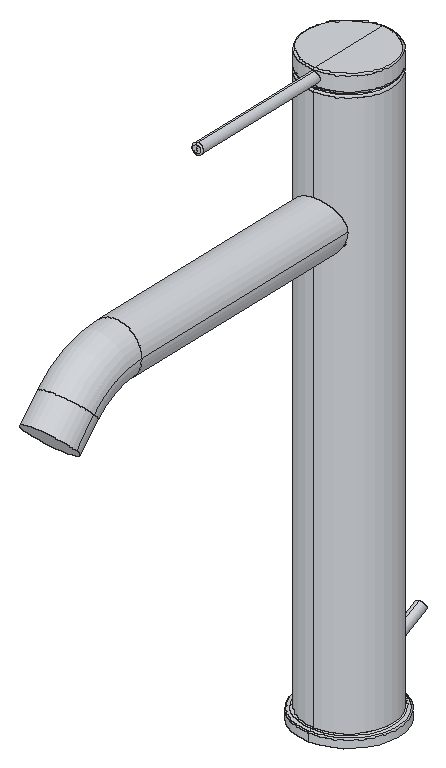
Revit family "Faucet-Lavatory-KOHLER-Components-K-77959", category Plumbing Fixtures, host Face, Revit 2015
Parameters (values of type "CP-Polished Chrome")
  Width = 1 7/8"  # constant formula
  Waste Water Outlet = "Waste Water Outlet"  # constant formula
  Waste Connection = no
  Vent Connection = no
  URL = "https://www.us.kohler.com/us/"
  Type = 1
  Spout Reach = 7"  # constant formula
  Product Page URL = "http://www.us.kohler.com/us/catalog/productDetails.jsp?productNumber=77959"
  Product Name = "Components"  # constant formula
  Product Documentation Link = "http://www.us.kohler.com/onlinecatalog/pdf/K-77959_spec.pdf"
  Pressure = 60.00 psi  # constant formula
  Model = if(Type = 1, "K-77959-4A-CP", if(Type = 2, "K-77959-4A-BL", if(Type = 3, "K-77959-4A-TT", "NA")))  # "K-77959-4A-CP"
  Material = "Premium Metal Construction"  # constant formula
  MasterFormat 2004 = "22.41.39"  # constant formula
  MasterFormat 1995 = "15410"  # constant formula
  Manufacturer Address = "444 Highland Dr, Kohler, WI 53044"  # constant formula
  Manufacturer = "KOHLER Co."  # constant formula
  Length = Spout Reach  # 7"
  Hot Water Inlet = "Hot Water Inlet"  # constant formula
  Height = 11 1/4"  # constant formula
  Handle Clearance = 3 9/16"  # constant formula
  HW Connection = yes
  Flow Rate = 1.2 GPM  # constant formula
  Finish = Kohler-Metal-CP-Polished_Chrome
  Faucet Hole Spacing = 0"
  Environmental Product Declaration = ""
  Drain Included = 1 = 1  # yes
  Description = "Single-Handle Tall Sink Faucet"  # constant formula
  Default Elevation = 36"
  Declare Label = ""
  Date Modified = "07/09/2018"  # constant formula
  Date Created = "07/09/2018"  # constant formula
  Copyright = "Copyright KOHLER Co."  # constant formula
  Contact Us = "https://www.us.kohler.com/us/static/contact.jsp"
  Cold Water Inlet = "Cold Water Inlet"  # constant formula
  CW Connection = yes
  Assembly Code = "D2010"
  ADA Compliant = 1 = 1  # yes
Types (4): name | Type | Model | Finish
  (no name) | 1 | "K-77959-4A-CP" | Kohler-Metal-CP-Polished_Chrome
  CP-Polished Chrome | 1 | "K-77959-4A-CP" | Kohler-Metal-CP-Polished_Chrome
  BL-Matte_Black | 2 | "K-77959-4A-BL" | Kohler-Metal-BL-Matte_Black
  TT-Vibrant_Titanium | 3 | "K-77959-4A-TT" | Kohler-Metal-TT-Vibrant_Titanium
Reference planes (in)
  plane 1 "Center (Front/Back)": y = 0
  plane 2: z = 0
  plane 3 "Center (Left/Right)": x = 0
  plane 4: x = -0.9375
  plane 5: x = 0.9375
  plane 6: y = -7
  plane 7: z = 11.25
  plane 8: y = -3.5625
Dimensions and locks (in)
  equal spacing: plane 4, plane 3 "Center (Left/Right)", plane 5
  "Width": plane 4 to plane 5
  "Length": plane 6 to plane 1 "Center (Front/Back)"  (x2)
  "Height": plane 7 to plane 2
  "Handle Clearance": plane 8 to plane 1 "Center (Front/Back)"
  aligned and locked: plane 2 to host face
  aligned and locked: level to host face
Automatic sketch dimensions
  host sketch curve to host sketch curve = 96"  (x2)
Nested families (in)
  nested 1: "K-77959" at (0, 0, 0), type "K-77959"
Connectors (in)
  piping at (-0.31062, 0, 0), diameter 0.375, driven by "Flow Rate", driven by "Pressure", driven by "HW Connection", driven by "Hot Water Inlet"
    settings: on nested 1, index 1, connector inside diameter 24", connector length 0", flow factor 0, pipe flow 1.2 GPM, pressure drop 60.00 psi, fitting loss kfactor 0, connector angle 0.00°, fixture units 0, engagement length 0", angle of deflection 0.00°, flow configuration 0, flow direction 1, fitting loss method 4, system type 19, joint type 0, gender type 0, connector reference index -1, connector utility 1, adjustable connector no, is connector primary yes, connector description "Hot Water Inlet"
  piping at (0.31062, 0, 0), diameter 0.375, driven by "Flow Rate", driven by "Pressure", driven by "CW Connection", driven by "Cold Water Inlet"
    settings: on nested 1, index 2, connector inside diameter 24", connector length 0", flow factor 0, pipe flow 1.2 GPM, pressure drop 60.00 psi, fitting loss kfactor 0, connector angle 0.00°, fixture units 0, engagement length 0", angle of deflection 0.00°, flow configuration 0, flow direction 1, fitting loss method 4, system type 20, joint type 0, gender type 0, connector reference index -1, connector utility 1, adjustable connector no, is connector primary no, connector description "Cold Water Inlet"
Definition of nested family "K-77959"
  Parameters (values of type "K-77959")
    Material = none
  Reference planes (in)
    plane 1 "Center (Front/Back)": y = 0
    plane 2: z = 0
    plane 3 "Center (Left/Right)": x = 0
    plane 4: z = 11.25
    plane 5: y = -7
    plane 6: x = -0.9375
    plane 7: x = 0.9375
    plane 8: y = 0.9375
    plane 9: y = -3.5625
  Forms (in)
    Revolve 1, solid, material <- "Material", detail levels medium+fine
      sketch origin (0, 0, 0) x (0, 1, 0) y (0, 0, 1)
        loop
          line (0.9375, 0) -> (0.9375, 0.13853)
          arc (0.9375, 0.13853) -> (0.93256, 0.15279) -> (0.91985, 0.16092) r 0.02303
          line (0.91985, 0.16092) -> (0.86459, 0.17419)
          arc (0.86459, 0.17419) -> (0.8409, 0.17897) -> (0.81693, 0.18202) r 0.3321
          line (0.81693, 0.18202) -> (0.81693, 10.85654)
          arc (0.81693, 10.85654) -> (0.80957, 10.87971) -> (0.7902, 10.8944) r 0.04017
          line (0.7902, 10.8944) -> (0.6758, 10.93504) -> (0.79725, 10.93504)
          arc (0.79725, 10.93504) -> (0.81117, 10.9408) -> (0.81693, 10.95472) r 0.01968
          line (0.81693, 10.95472) -> (0.81693, 11.22853)
          arc (0.81693, 11.22853) -> (0.81064, 11.24371) -> (0.79546, 11.25) r 0.02147
          line (0.79546, 11.25) -> (0, 11.25) -> (0, 0) -> (0.9375, 0)
        axis (0, 0) -> (0, 11.25)
      angle from 0 to 360
    Sweep 2, solid, material <- "Material"
      path origin (0, 0, 0) x (0, 1, 0) y (0, 0, 1)
        loop
          line (-7, 7.71369) -> (-6.58242, 8.13127)
          arc (-6.58242, 8.13127) -> (-6.07151, 8.47265) -> (-5.46886, 8.59252) r 1.5748
          line (-5.46886, 8.59252) -> (0, 8.59252)
      profile origin (0, -2.73443, 8.59252) x (0, 0, 1) y (1, 0, 0)
        loop
          circle (0, 0) r 0.49213
    Extrusion 3, solid, material <- "Material", detail levels coarse
      sketch origin (0, 0, 4.45312) x (1, 0, 0) y (0, 0, 1)
        loop
          circle (0, 6.64764) r 0.09843
      from 0 to 3.5625
    Revolve 4, solid, material <- "Material", detail levels medium+fine
      sketch origin (0, 0, 0.20312) x (0, 1, 0) y (0, 0, 1)
        loop
          line (-3.5625, 10.89764) -> (0, 10.89764) -> (0, 10.99606) -> (-3.54274, 10.99606)
          arc (-3.54274, 10.99606) -> (-3.55671, 10.99028) -> (-3.5625, 10.97631) r 0.01976
          line (-3.5625, 10.97631) -> (-3.5625, 10.89764)
        axis (-3.5625, 10.89764) -> (0, 10.89764)
      angle from 0 to 360
    Extrusion 5, solid, material <- "Material", detail levels coarse
      sketch origin (0, 0, 0) x (1, 0, 0) y (0, 1, 0)
        loop
          circle (0, 0) r 0.9375
      from 0 to 10.92188
    Extrusion 6, solid, material <- "Material", detail levels coarse
      sketch origin (0, 0, 0) x (1, 0, 0) y (0, 1, 0)
        loop
          circle (0, 0) r 0.9375
      from 10.93359 to 11.25
    Sweep 7, solid, material <- "Material", detail levels medium+fine
      path origin (0, -0.00735, -0.00195) x (0, 1, 0) y (0, 0, 1)
        loop
          line (0.33179, 1.05137) -> (1.2381, 1.47399)
      profile origin (0, 1.23074, 1.47204) x (0, -0.422618, 0.906308) y (1, 0, 0)
        loop
          circle (0, 0.37336) r 0.09396
    Sweep 8, void
      path origin (0, -0.00735, -0.00195) x (0, 1, 0) y (0, 0, 1)
        loop
          line (0.33179, 1.05137) -> (1.2381, 1.47399)
      profile origin (0, 1.23074, 1.47204) x (0, -0.422618, 0.906308) y (1, 0, 0)
        loop
          circle (0, 0.37336) r 0.13508
    Extrusion 9, solid, material <- "Material", detail levels fine
      sketch origin (0, 0, 0) x (1, 0, 0) y (0, 1, 0)
        loop
          circle (0.31062, 0) r 0.1875
        loop
          circle (-0.31062, 0) r 0.1875
      from 0 to 0.125
  Cuts and joins
    Sweep 8 cuts Revolve 1
    joined: Revolve 1, Revolve 4
    Sweep 8 cuts Extrusion 5
    joined: Extrusion 3, Extrusion 5, Extrusion 6
  Lines and regions (in)
    Masking region 1
      outline origin (0, 0, 0) x (1, 0, 0) y (0, 0, 1)
        loop
          line (-0.9375, 0) -> (0.9375, 0) -> (0.9375, 0.13853)
          arc (0.9375, 0.13853) -> (0.93256, 0.15279) -> (0.91985, 0.16092) r 0.02303
          line (0.91985, 0.16092) -> (0.86459, 0.17419)
          arc (0.86459, 0.17419) -> (0.8409, 0.17897) -> (0.81693, 0.18202) r 0.3321
          line (0.81693, 0.18202) -> (0.81693, 10.85654)
          arc (0.81693, 10.85654) -> (0.80957, 10.87971) -> (0.7902, 10.8944) r 0.04017
          line (0.7902, 10.8944) -> (0.6758, 10.93504) -> (0.79725, 10.93504)
          arc (0.79725, 10.93504) -> (0.81117, 10.9408) -> (0.81693, 10.95472) r 0.01968
          line (0.81693, 10.95472) -> (0.81693, 11.22853)
          arc (0.81693, 11.22853) -> (0.81064, 11.24371) -> (0.79546, 11.25) r 0.02147
          line (0.79546, 11.25) -> (-0.79546, 11.25)
          arc (-0.79546, 11.25) -> (-0.81064, 11.24371) -> (-0.81693, 11.22853) r 0.02147
          line (-0.81693, 11.22853) -> (-0.81693, 10.95472)
          arc (-0.81693, 10.95472) -> (-0.81117, 10.9408) -> (-0.79725, 10.93504) r 0.01968
          line (-0.79725, 10.93504) -> (-0.6758, 10.93504) -> (-0.7902, 10.8944)
          arc (-0.7902, 10.8944) -> (-0.80957, 10.87971) -> (-0.81693, 10.85654) r 0.04017
          line (-0.81693, 10.85654) -> (-0.81693, 0.18202)
          arc (-0.81693, 0.18202) -> (-0.8409, 0.17897) -> (-0.86459, 0.17419) r 0.3321
          line (-0.86459, 0.17419) -> (-0.91985, 0.16092)
          arc (-0.91985, 0.16092) -> (-0.93256, 0.15279) -> (-0.9375, 0.13853) r 0.02303
          line (-0.9375, 0.13853) -> (-0.9375, 0)
    Masking region 2
      outline origin (0, 0, 0) x (0, 1, 0) y (0, 0, 1)
        loop
          line (0.9375, 0) -> (0.9375, 0.13853)
          arc (0.9375, 0.13853) -> (0.93256, 0.15279) -> (0.91985, 0.16092) r 0.02303
          line (0.91985, 0.16092) -> (0.86459, 0.17419)
          arc (0.86459, 0.17419) -> (0.8409, 0.17897) -> (0.81693, 0.18202) r 0.3321
          line (0.81693, 0.18202) -> (0.81693, 1.1754) -> (1.27046, 1.38688) -> (1.19103, 1.5572) -> (0.81693, 1.38275) -> (0.81693, 10.85654)
          arc (0.81693, 10.85654) -> (0.80957, 10.87971) -> (0.7902, 10.8944) r 0.04017
          line (0.7902, 10.8944) -> (0.6758, 10.93504) -> (0.79725, 10.93504)
          arc (0.79725, 10.93504) -> (0.81117, 10.9408) -> (0.81693, 10.95472) r 0.01968
          line (0.81693, 10.95472) -> (0.81693, 11.22853)
          arc (0.81693, 11.22853) -> (0.81064, 11.24371) -> (0.79546, 11.25) r 0.02147
          line (0.79546, 11.25) -> (-0.79546, 11.25)
          arc (-0.79546, 11.25) -> (-0.81064, 11.24371) -> (-0.81693, 11.22853) r 0.02147
          line (-0.81693, 11.22853) -> (-0.81693, 11.19781) -> (-3.54228, 11.19781)
          arc (-3.54228, 11.19781) -> (-3.55658, 11.19189) -> (-3.5625, 11.17759) r 0.02022
          line (-3.5625, 11.17759) -> (-3.5625, 11.02256)
          arc (-3.5625, 11.02256) -> (-3.55658, 11.00826) -> (-3.54228, 11.00234) r 0.02022
          line (-3.54228, 11.00234) -> (-0.81693, 11.00234) -> (-0.81693, 10.95472)
          arc (-0.81693, 10.95472) -> (-0.81117, 10.9408) -> (-0.79725, 10.93504) r 0.01968
          line (-0.79725, 10.93504) -> (-0.6758, 10.93504) -> (-0.7902, 10.8944)
          arc (-0.7902, 10.8944) -> (-0.80957, 10.87971) -> (-0.81693, 10.85654) r 0.04017
          line (-0.81693, 10.85654) -> (-0.81693, 9.08465) -> (-5.46886, 9.08465)
          arc (-5.46886, 9.08465) -> (-6.25984, 8.92731) -> (-6.9304, 8.47926) r 2.06693
          line (-6.9304, 8.47926) -> (-7.34799, 8.06167) -> (-6.65201, 7.3657) -> (-6.23443, 7.78329)
          arc (-6.23443, 7.78329) -> (-5.88319, 8.01798) -> (-5.46886, 8.10039) r 1.08268
          line (-5.46886, 8.10039) -> (-0.81693, 8.10039) -> (-0.81693, 0.18202)
          arc (-0.81693, 0.18202) -> (-0.8409, 0.17897) -> (-0.86459, 0.17419) r 0.3321
          line (-0.86459, 0.17419) -> (-0.91985, 0.16092)
          arc (-0.91985, 0.16092) -> (-0.93256, 0.15279) -> (-0.9375, 0.13853) r 0.02303
          line (-0.9375, 0.13853) -> (-0.9375, 0) -> (0.9375, 0)
    Masking region 3
      outline origin (0, 0, 0) x (1, 0, 0) y (0, 1, 0)
        loop
          arc (0.49213, -0.79795) -> (0, 0.9375) -> (-0.49213, -0.79795) r 0.9375
          line (-0.49213, -0.79795) -> (-0.49213, -7)
          spline (-0.49213, -7) -> (-0.47536, -7.09007) -> (-0.42619, -7.17399) -> (-0.34799, -7.24606) -> (-0.24606, -7.30136) -> (-0.12737, -7.33613) -> (0, -7.34799) -> (0.12737, -7.33613) -> (0.24606, -7.30136) -> (0.34799, -7.24606) -> (0.42619, -7.17399) -> (0.47536, -7.09007) -> (0.49213, -7)
          line (0.49213, -7) -> (0.49213, -0.79795)
    symbolic lines, detail levels medium+fine
      curve 1: line (-4.87719, 0, 0) -> (-2.98891, 0, 0)
      curve 2: line (-0.81693, 0, 10.85654) -> (0.81693, 0, 10.85654)
      curve 3: line (-0.6758, 0, 10.93504) -> (0.6758, 0, 10.93504)
      curve 4: line (-0.81693, 0, 0.18202) -> (0.81693, 0, 0.18202)
      curve 5: spline (0.49213, 0, 7.71369) -> (0.47536, 0, 7.80375) -> (0.42619, 0, 7.88768) -> (0.34799, 0, 7.95975) -> (0.24606, 0, 8.01505) -> (0.12737, 0, 8.04982) -> (0, 0, 8.06167) -> (-0.12737, 0, 8.04982) -> (-0.24606, 0, 8.01505) -> (-0.34799, 0, 7.95975) -> (-0.42619, 0, 7.88768) -> (-0.47536, 0, 7.80375) -> (-0.49213, 0, 7.71369) -> (-0.47536, 0, 7.62362) -> (-0.42619, 0, 7.53969) -> (-0.34799, 0, 7.46762) -> (-0.24606, 0, 7.41232) -> (-0.12737, 0, 7.37756) -> (0, 0, 7.3657) -> (0.12737, 0, 7.37756) -> (0.24606, 0, 7.41232) -> (0.34799, 0, 7.46762) -> (0.42619, 0, 7.53969) -> (0.47536, 0, 7.62362) -> (0.49213, 0, 7.71369)
      curve 6: arc (0.49213, 0, 8.59252) -> (0, 0, 9.08465) -> (-0.49213, 0, 8.59252) r 0.49213
      curve 7: line (-0.49213, 0, 7.71369) -> (-0.49213, 0, 8.59252)
      curve 8: line (0.49213, 0, 7.71369) -> (0.49213, 0, 8.59252)
      curve 9: circle (0, 0, 11.10076) r 0.09843 normal (0, -1, 0)
      curve 10: line (0, -0.81693, 11.19919) -> (0, -0.81693, 11.00234)
      curve 11: line (0, 0.79725, 10.93504) -> (0, -0.79725, 10.93504)
      curve 12: line (0, 0.81693, 10.85654) -> (0, -0.81693, 10.85654)
      curve 13: line (0, 0.81693, 0.18202) -> (0, -0.81693, 0.18202)
      curve 14: arc (0, -0.81693, 9.08465) -> (0, -0.74828, 8.59252) -> (0, -0.81693, 8.10039) r 1.79829
      curve 15: line (-0.09844, -0.81098, 0) -> (-0.09844, -3.55469, 0)
      curve 16: line (0.09842, -0.81098, 0) -> (0.09842, -3.55358, 0)
      curve 17: circle (0, 0, 0) r 0.81693 normal (0, 0, 1)
      curve 18: line (0.0895, -3.5625, 0) -> (-0.09063, -3.5625, 0)
      curve 19: arc (0.09842, -3.55358, 0) -> (0.09581, -3.55989, 0) -> (0.0895, -3.5625, 0) r 0.00892
      curve 20: arc (-0.09844, -3.55469, 0) -> (-0.09615, -3.56021, 0) -> (-0.09063, -3.5625, 0) r 0.00781
      curve 21: line (-0.49213, -0.79795, 0) -> (-0.49213, -0.65206, 0)
      curve 22: line (0.49213, -0.79795, 0) -> (0.49213, -0.65206, 0)
      curve 23: line (0, 0.71848, 1.03227) -> (0, 0.71848, 1.41418)
      curve 24: arc (0, 0.71848, 1.41418) -> (0, 0.73281, 1.41784) -> (0, 0.74716, 1.41423) r 0.0301
      curve 25: arc (0, 0.74716, 1.41423) -> (0, 0.76999, 1.39472) -> (0, 0.78275, 1.36753) r 0.0712
      curve 26: arc (0, 0.74845, 1.05921) -> (0, 0.73538, 1.04361) -> (0, 0.71848, 1.03227) r 0.07226
      curve 27: arc (0, 0.77677, 1.15751) -> (0, 0.76942, 1.1064) -> (0, 0.74845, 1.05921) r 0.18796
      curve 28: line (0, 0.81693, 1.38275) -> (0, 0.63577, 1.3021)
      curve 29: line (0, 0.81693, 1.1754) -> (0, 0.61919, 1.08736)
  Dimensions and locks (in)
    locked: plane 5 to plane 1 "Center (Front/Back)" at 7
    locked: level to plane 4 at 11.25
    plane 4 to curve 1 = 11 1/4"
    plane 1 "Center (Front/Back)" to plane 9 = 3 9/16"
    aligned and locked: plane 2 to level
